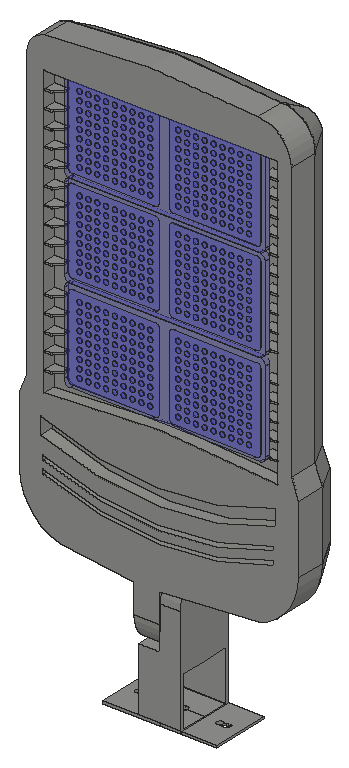
Revit family "VP-3-T", category Lighting Fixtures, host Face, Revit 2019
Family settings
  Host = Face
  Round Connector Dimension = Use Diameter
  Part Type = Normal
  OmniClass Number = 23.80.70.11.14.17
  OmniClass Title = Direct/Indirect
  Cut with Voids When Loaded = No
  Light Source = No
  Shared = Yes
  Room Calculation Point = No
Parameters (values of type "VP-3-T")
  Wattage Comments = "423W"
  Warranty = "Five year warranty"  # constant formula
  Voltage = 120 V
  URL = "https://www.currentlighting.com/beacon"
  Type Comments = "Lighting Fixture"  # constant formula
  Product Page URL = "https://www.currentlighting.com/outdoor-lighting/viper-area-size-3/9606405"
  Product Documentation Link = "https://cdn.currentlighting.com/site/specsheet/BEA_VIPERSPEC.pdf"
  Power Factor = 0.9
  Name = "Viper Area Size 3"  # constant formula
  Model = "VP-3-T"
  Matt Grey = MATT GREY
  Matt Black = Matt Black
  Manufacturer = "Current Lighting"  # constant formula
  Load Classification = Lighting
  Light Output = 30846.00 cd/m²
  Lamp = "LED"  # constant formula
  Grey = Grey
  Glass = Glass
  Features = "Featuring two different optical technologies, Micro Strike and Strike Optics, which provide the best distribution patterns for retrofit or new construction\r\nVibration rated for high vibration applications including bridges and overpasses\r\nControl options including photo control, occupancy sensing, NX Lighting Controls, wiSCAPE and 7-Pin with networked controls\r\nMounting options include: Arm, Universal Arm, Adjustable Arm, Mast Arm, Decorative Arm, Knuckle, Trunnion, Wall\r\nDistribution options include: Auto Front Row, Type 2, Type 3, Type 4 Forward, Type 4 Wide, Type 5 Narrow, Type 5 Medium, Type 5 Wide, Type 5 Rectangular, Corner Optic, and Tennis Court\r\n\r\n"  # constant formula
  Copyright = "© 2022 Current Lighting"  # constant formula
  Cool Grey = Cool Grey
  Contact Us = "https://www.currentlighting.com/contact-us"
  Certification = "UL"  # constant formula
  Description = "The Viper is an extremely versatile area/site luminaire which blends design, performance, and technology for a variety of applications."  # constant formula
  Default Elevation = 48.00"
  Finish = Arctic White
  Matt White = Matt White
  CRI = "70"  # constant formula
  Brand = "Beacon"  # constant formula
  Assembly Code = "D5020200"
  Apparent Load = 423 VA
Reference planes (in)
  plane 1 "Center (Front/Back)": y = 6.16697
  plane 2: z = 0
  plane 3 "Center (Left/Right)": x = 0
  plane 4: z = 3.75
  plane 5: z = -4.44
  plane 6: x = -1.75
  plane 7: x = 1.75
  plane 8: y = 4.41697
  plane 9: y = 7.91697
  plane 10: z = 120
Lines and regions (in)
  reference lines
    curve 1: line (0, 14.42606, -3.25) -> (0, 17.42606, -0.25)
    curve 2: line (0, -2.09213, -3.25) -> (0, 14.42606, -3.25)
    curve 3: line (0, -5.09213, -0.25) -> (0, -2.09213, -3.25)
    curve 4: line (0, 14.42606, -3.25) -> (0, 17.42606, -0.25)
    curve 5: line (0, -5.09213, -0.25) -> (0, 17.42606, -0.25)
    curve 6: line (0, 17.17606, -0.77432) -> (0, 17.92606, -0.77432)
    curve 7: line (0, 17.17606, -1.52432) -> (0, 17.17606, -0.77432)
    curve 8: line (0, 16.69614, -1.52432) -> (0, 17.17606, -1.52432)
    curve 9: line (0, 14.92606, -4.25) -> (0, 16.69614, -1.52432)
    curve 10: line (0, -4.3622, -1.52432) -> (0, -2.59213, -4.25)
    curve 11: line (0, -4.84213, -1.52432) -> (0, -4.3622, -1.52432)
    curve 12: line (0, -4.84213, -0.77432) -> (0, -4.84213, -1.52432)
    curve 13: line (0, -5.59213, -0.77432) -> (0, -4.84213, -0.77432)
Dimensions and locks (in)
  plane 4 to plane 2 = 3.75"
  plane 8 to plane 9 = 3.50"
  equal spacing: plane 8, plane 1 "Center (Front/Back)", plane 9
  equal spacing: plane 6, plane 3 "Center (Left/Right)", plane 7
  plane 6 to plane 7 = 3.50"
  plane 10 to plane 2 = 120.00"
  aligned and locked: plane 2 to host face
  aligned and locked: level to host face
  aligned and locked: plane 3 "Center (Left/Right)" to nested 1
  aligned and locked: plane 1 "Center (Front/Back)" to nested 1
Automatic sketch dimensions
  host sketch curve to host sketch curve = 96.00"
  host sketch curve to host sketch curve = 85.00"
  curve 3 to level = 0.25"
  plane 8 to curve 3 = 9.50909"
  curve 3 to curve 12 = 0.25"
  curve 11 to curve 11 = 0.47992"
  curve 2 to plane 5 = 1.19"
  curve 10 to curve 2 = 2.27008"
  curve 1 to plane 9 = 6.50909"
  curve 9 to level = 1.52432"
  curve 1 to curve 9 = 2.27008"
  curve 8 to curve 8 = 0.47992"
  curve 6 to curve 4 = 0.25"
  curve 10 to curve 3 = 1.27432"
  curve 7 to curve 1 = 0.52432"
  curve 12 to curve 3 = 0.52432"
  curve 13 to curve 3 = 0.50"
  curve 10 to plane 5 = 0.19"
  curve 10 to curve 2 = 0.50"
  curve 9 to plane 5 = 0.19"
  curve 1 to curve 9 = 0.50"
  curve 1 to curve 6 = 0.50"
Nested families (in)
  nested 1: "SIZE3-T" at (0, 6.16697, 0), type "SIZE3-T"
Connectors (in)
  electrical at (0, 6.16697, 0)
    settings: on nested 1, index 1, voltage 0 V, apparent load 0 VA, apparent load phase1 0 VA, apparent load phase2 0 VA, apparent load phase3 0 VA, power factor 1, load classification "Other", number of poles 1, system type 30, power factor state 1, is connector primary yes, connector utility no, sub classification motor no, connector description ""
Definition of nested family "SIZE3-T"
  Parameters (values of type "SIZE3-T")
    Width = 16.11"
    Wattage = 423.2 W
    built-in parameter 1150110 = 1 (stored number, unit not read)
    built-in parameter 1114217 = 1 (stored number, unit not read)
    Tilt Angle = 160.00°
    built-in parameter 1150109 = 1 (stored number, unit not read)
    built-in parameter 1150134 = 3
    built-in parameter 1150113 = 1 (stored number, unit not read)
    Photometric Web File = "VP-3-480L-425-3K7-4W-BC.ies"
    Mount Length = 7.50"
    built-in parameter 1150105 = 2458.4 (stored number, unit not read)
    Lumens = 30893.6 lm
    built-in parameter 1150115 = 1 (stored number, unit not read)
    built-in parameter 1150137 = (empty or 0)
    built-in parameter 1150139 = (empty or 0)
    Length = 26.97"
    built-in parameter 1150112 = 1 (stored number, unit not read)
    built-in parameter 1150114 = 1 (stored number, unit not read)
    built-in parameter 1150132 = (empty or 0)
    built-in parameter 1150102 = (empty or 0)
    built-in parameter 1150107 = 3200 (stored number, unit not read)
    built-in parameter 1150138 = (empty or 0)
    built-in parameter 1150106 = 24.584 (stored number, unit not read)
    Glass = none
    Fixture = none
    built-in parameter 1150104 = 6.7819 (stored number, unit not read)
    Dimming Lamp Color Temperature Shift = (empty or 0)
    Default Elevation = 48.00"
    Color Filter = 16777215
    built-in parameter 1114218 = 1 (stored number, unit not read)
    built-in parameter 1150133 = 10 (stored number, unit not read)
  Reference planes (in)
    plane 1 "Center (Front/Back)": y = 0
    plane 2: z = 0
    plane 3 "Center (Left/Right)": x = 0
    plane 4: x = 8.055
    plane 5: x = -8.055
    plane 6: z = 7.5
    plane 7: z = 34.47
    plane 8: y = -1.74
    plane 9: y = 1.74
  Forms (in)
    Extrusion 1, solid
      sketch origin (0, 0, 0) x (1, 0, 0) y (0, 1, 0)
        loop
          line (-48, 48) -> (-48, -48) -> (48, -48) -> (48, 48) -> (-48, 48)
      from 0 to -12
    Extrusion 2, solid, material <- "Fixture"
      sketch origin (0, 0, 0) x (1, 0, 0) y (0, 0, 1)
        loop
          line (-7.77472, 15.72202) -> (-8.18, 14.67799) -> (-8.18, 10.64521)
          arc (-8.18, 10.64521) -> (-7.52407, 8.68733) -> (-5.82104, 7.51974) r 3.25
          arc (-5.82104, 7.51974) -> (0, 7.02866) -> (5.82104, 7.51974) r 34.74571
          arc (5.82104, 7.51974) -> (7.52407, 8.68733) -> (8.18, 10.64521) r 3.25
          line (8.18, 10.64521) -> (8.18, 14.67799) -> (7.7425, 15.80502) -> (7.7425, 32.05879)
          arc (7.7425, 32.05879) -> (7.16964, 33.45997) -> (5.77922, 34.05846) r 2
          arc (5.77922, 34.05846) -> (-0.48981, 34.44343) -> (-6.75192, 33.95884) r 45.36519
          arc (-6.75192, 33.95884) -> (-7.48558, 33.52919) -> (-7.77472, 32.72966) r 1.25
          line (-7.77472, 32.72966) -> (-7.77472, 15.72202)
      from 0 to 1.74
    Extrusion 3, void
      sketch origin (0, 0, 0) x (1, 0, 0) y (0, 0, 1)
        loop
          arc (-6.77608, 15.13973) -> (0.07705, 15.56709) -> (6.93, 15.13674) r 54.96889
          line (6.93, 15.13674) -> (6.93, 32.15182) -> (-6.77608, 32.15182) -> (-6.77608, 15.13973)
      from 1 to 1.75
    Extrusion 4, solid, material <- "Glass"
      sketch origin (0, 0, 0) x (1, 0, 0) y (0, 0, 1)
        loop
          arc (-5.55487, 32.15182) -> (-5.80236, 32.04931) -> (-5.90487, 31.80182) r 0.35
          line (-5.90487, 31.80182) -> (-5.90487, 27.00182)
          arc (-5.90487, 27.00182) -> (-5.80236, 26.75434) -> (-5.55487, 26.65182) r 0.35
          line (-5.55487, 26.65182) -> (5.55487, 26.65182)
          arc (5.55487, 26.65182) -> (5.80236, 26.75434) -> (5.90487, 27.00182) r 0.35
          line (5.90487, 27.00182) -> (5.90487, 31.80182)
          arc (5.90487, 31.80182) -> (5.80236, 32.04931) -> (5.55487, 32.15182) r 0.35
          line (5.55487, 32.15182) -> (-5.55487, 32.15182)
      from 1 to 1.35
    Extrusion 5, solid, material <- "Glass"
      sketch origin (0.75, 0, 0.125) x (1, 0, 0) y (0, 0, 1)
        loop
          circle (-5.72329, 31.32694) r 0.15
        loop
          circle (-5.20455, 31.32694) r 0.15
        loop
          circle (-4.6858, 31.32694) r 0.15
        loop
          circle (-4.16705, 31.32694) r 0.15
        loop
          circle (-3.6483, 31.32694) r 0.15
        loop
          circle (-3.12955, 31.32694) r 0.15
        loop
          circle (-2.6108, 31.32694) r 0.15
        loop
          circle (-2.09205, 31.32694) r 0.15
        loop
          circle (-1.57331, 31.32694) r 0.15
        loop
          circle (-5.72329, 30.82694) r 0.15
        loop
          circle (-5.20455, 30.82694) r 0.15
        loop
          circle (-4.6858, 30.82694) r 0.15
        loop
          circle (-4.16705, 30.82694) r 0.15
        loop
          circle (-3.6483, 30.82694) r 0.15
        loop
          circle (-3.12955, 30.82694) r 0.15
        loop
          circle (-2.6108, 30.82694) r 0.15
        loop
          circle (-2.09205, 30.82694) r 0.15
        loop
          circle (-1.57331, 30.82694) r 0.15
        loop
          circle (-5.72329, 30.32694) r 0.15
        loop
          circle (-5.20455, 30.32694) r 0.15
        loop
          circle (-4.6858, 30.32694) r 0.15
        loop
          circle (-4.16705, 30.32694) r 0.15
        loop
          circle (-3.6483, 30.32694) r 0.15
        loop
          circle (-3.12955, 30.32694) r 0.15
        loop
          circle (-2.6108, 30.32694) r 0.15
        loop
          circle (-2.09205, 30.32694) r 0.15
        loop
          circle (-1.57331, 30.32694) r 0.15
        loop
          circle (-5.72329, 29.82694) r 0.15
        loop
          circle (-5.20455, 29.82694) r 0.15
        loop
          circle (-4.6858, 29.82694) r 0.15
        loop
          circle (-4.16705, 29.82694) r 0.15
        loop
          circle (-3.6483, 29.82694) r 0.15
        loop
          circle (-3.12955, 29.82694) r 0.15
        loop
          circle (-2.6108, 29.82694) r 0.15
        loop
          circle (-2.09205, 29.82694) r 0.15
        loop
          circle (-1.57331, 29.82694) r 0.15
        loop
          circle (-5.72329, 29.32694) r 0.15
        loop
          circle (-5.20455, 29.32694) r 0.15
        loop
          circle (-4.6858, 29.32694) r 0.15
        loop
          circle (-4.16705, 29.32694) r 0.15
        loop
          circle (-3.6483, 29.32694) r 0.15
        loop
          circle (-3.12955, 29.32694) r 0.15
        loop
          circle (-2.6108, 29.32694) r 0.15
        loop
          circle (-2.09205, 29.32694) r 0.15
        loop
          circle (-1.57331, 29.32694) r 0.15
        loop
          circle (-5.72329, 28.82694) r 0.15
        loop
          circle (-5.20455, 28.82694) r 0.15
        loop
          circle (-4.6858, 28.82694) r 0.15
        loop
          circle (-4.16705, 28.82694) r 0.15
        loop
          circle (-3.6483, 28.82694) r 0.15
        loop
          circle (-3.12955, 28.82694) r 0.15
        loop
          circle (-2.6108, 28.82694) r 0.15
        loop
          circle (-2.09205, 28.82694) r 0.15
        loop
          circle (-1.57331, 28.82694) r 0.15
        loop
          circle (-5.72329, 28.32694) r 0.15
        loop
          circle (-5.20455, 28.32694) r 0.15
        loop
          circle (-4.6858, 28.32694) r 0.15
        loop
          circle (-4.16705, 28.32694) r 0.15
        loop
          circle (-3.6483, 28.32694) r 0.15
        loop
          circle (-3.12955, 28.32694) r 0.15
        loop
          circle (-2.6108, 28.32694) r 0.15
        loop
          circle (-2.09205, 28.32694) r 0.15
        loop
          circle (-1.57331, 28.32694) r 0.15
        loop
          circle (-5.72329, 27.82694) r 0.15
        loop
          circle (-5.20455, 27.82694) r 0.15
        loop
          circle (-4.6858, 27.82694) r 0.15
        loop
          circle (-4.16705, 27.82694) r 0.15
        loop
          circle (-3.6483, 27.82694) r 0.15
        loop
          circle (-3.12955, 27.82694) r 0.15
        loop
          circle (-2.6108, 27.82694) r 0.15
        loop
          circle (-2.09205, 27.82694) r 0.15
        loop
          circle (-1.57331, 27.82694) r 0.15
        loop
          circle (-5.72329, 27.32694) r 0.15
        loop
          circle (-5.20455, 27.32694) r 0.15
        loop
          circle (-4.6858, 27.32694) r 0.15
        loop
          circle (-4.16705, 27.32694) r 0.15
        loop
          circle (-3.6483, 27.32694) r 0.15
        loop
          circle (-3.12955, 27.32694) r 0.15
        loop
          circle (-2.6108, 27.32694) r 0.15
        loop
          circle (-2.09205, 27.32694) r 0.15
        loop
          circle (-1.57331, 27.32694) r 0.15
      from 1.35 to 1.4
    Extrusion 6, solid, material <- "Glass"
      sketch origin (0, 0, 0.125) x (1, 0, 0) y (0, 0, 1)
        loop
          arc (-5.41155, 31.8309) -> (-5.58833, 31.75768) -> (-5.66155, 31.5809) r 0.25
          line (-5.66155, 31.5809) -> (-5.66155, 27.0809)
          arc (-5.66155, 27.0809) -> (-5.58833, 26.90412) -> (-5.41155, 26.8309) r 0.25
          line (-5.41155, 26.8309) -> (-0.54655, 26.8309)
          arc (-0.54655, 26.8309) -> (-0.36977, 26.90412) -> (-0.29655, 27.0809) r 0.25
          line (-0.29655, 27.0809) -> (-0.29655, 31.5809)
          arc (-0.29655, 31.5809) -> (-0.36977, 31.75768) -> (-0.54655, 31.8309) r 0.25
          line (-0.54655, 31.8309) -> (-5.41155, 31.8309)
      from 1.35 to 1.37213
    Extrusion 7, solid, material <- "Fixture"
      sketch origin (0.125, 0, 12.5) x (1, 0, 0) y (0, 1, 0)
        loop
          line (5.93193, -1) -> (5.93193, -1.20146)
          arc (5.93193, -1.20146) -> (5.93867, -1.23973) -> (5.95811, -1.27339) r 0.1119
          line (5.95811, -1.27339) -> (6.31867, -1.70309)
          arc (6.31867, -1.70309) -> (6.34664, -1.72455) -> (6.38107, -1.73219) r 0.08147
          line (6.38107, -1.73219) -> (6.805, -1.73219) -> (6.805, -1) -> (5.93193, -1)
      from 18.55 to 18.65
    Extrusion 8, solid, material <- "Glass"
      sketch origin (-0.75, 0, 0.125) x (-1, 0, 0) y (0, 0, -1)
        loop
          circle (-5.72329, -31.32694) r 0.15
        loop
          circle (-5.20455, -31.32694) r 0.15
        loop
          circle (-4.6858, -31.32694) r 0.15
        loop
          circle (-4.16705, -31.32694) r 0.15
        loop
          circle (-3.6483, -31.32694) r 0.15
        loop
          circle (-3.12955, -31.32694) r 0.15
        loop
          circle (-2.6108, -31.32694) r 0.15
        loop
          circle (-2.09205, -31.32694) r 0.15
        loop
          circle (-1.57331, -31.32694) r 0.15
        loop
          circle (-5.72329, -30.82694) r 0.15
        loop
          circle (-5.20455, -30.82694) r 0.15
        loop
          circle (-4.6858, -30.82694) r 0.15
        loop
          circle (-4.16705, -30.82694) r 0.15
        loop
          circle (-3.6483, -30.82694) r 0.15
        loop
          circle (-3.12955, -30.82694) r 0.15
        loop
          circle (-2.6108, -30.82694) r 0.15
        loop
          circle (-2.09205, -30.82694) r 0.15
        loop
          circle (-1.57331, -30.82694) r 0.15
        loop
          circle (-5.72329, -30.32694) r 0.15
        loop
          circle (-5.20455, -30.32694) r 0.15
        loop
          circle (-4.6858, -30.32694) r 0.15
        loop
          circle (-4.16705, -30.32694) r 0.15
        loop
          circle (-3.6483, -30.32694) r 0.15
        loop
          circle (-3.12955, -30.32694) r 0.15
        loop
          circle (-2.6108, -30.32694) r 0.15
        loop
          circle (-2.09205, -30.32694) r 0.15
        loop
          circle (-1.57331, -30.32694) r 0.15
        loop
          circle (-5.72329, -29.82694) r 0.15
        loop
          circle (-5.20455, -29.82694) r 0.15
        loop
          circle (-4.6858, -29.82694) r 0.15
        loop
          circle (-4.16705, -29.82694) r 0.15
        loop
          circle (-3.6483, -29.82694) r 0.15
        loop
          circle (-3.12955, -29.82694) r 0.15
        loop
          circle (-2.6108, -29.82694) r 0.15
        loop
          circle (-2.09205, -29.82694) r 0.15
        loop
          circle (-1.57331, -29.82694) r 0.15
        loop
          circle (-5.72329, -29.32694) r 0.15
        loop
          circle (-5.20455, -29.32694) r 0.15
        loop
          circle (-4.6858, -29.32694) r 0.15
        loop
          circle (-4.16705, -29.32694) r 0.15
        loop
          circle (-3.6483, -29.32694) r 0.15
        loop
          circle (-3.12955, -29.32694) r 0.15
        loop
          circle (-2.6108, -29.32694) r 0.15
        loop
          circle (-2.09205, -29.32694) r 0.15
        loop
          circle (-1.57331, -29.32694) r 0.15
        loop
          circle (-5.72329, -28.82694) r 0.15
        loop
          circle (-5.20455, -28.82694) r 0.15
        loop
          circle (-4.6858, -28.82694) r 0.15
        loop
          circle (-4.16705, -28.82694) r 0.15
        loop
          circle (-3.6483, -28.82694) r 0.15
        loop
          circle (-3.12955, -28.82694) r 0.15
        loop
          circle (-2.6108, -28.82694) r 0.15
        loop
          circle (-2.09205, -28.82694) r 0.15
        loop
          circle (-1.57331, -28.82694) r 0.15
        loop
          circle (-5.72329, -28.32694) r 0.15
        loop
          circle (-5.20455, -28.32694) r 0.15
        loop
          circle (-4.6858, -28.32694) r 0.15
        loop
          circle (-4.16705, -28.32694) r 0.15
        loop
          circle (-3.6483, -28.32694) r 0.15
        loop
          circle (-3.12955, -28.32694) r 0.15
        loop
          circle (-2.6108, -28.32694) r 0.15
        loop
          circle (-2.09205, -28.32694) r 0.15
        loop
          circle (-1.57331, -28.32694) r 0.15
        loop
          circle (-5.72329, -27.82694) r 0.15
        loop
          circle (-5.20455, -27.82694) r 0.15
        loop
          circle (-4.6858, -27.82694) r 0.15
        loop
          circle (-4.16705, -27.82694) r 0.15
        loop
          circle (-3.6483, -27.82694) r 0.15
        loop
          circle (-3.12955, -27.82694) r 0.15
        loop
          circle (-2.6108, -27.82694) r 0.15
        loop
          circle (-2.09205, -27.82694) r 0.15
        loop
          circle (-1.57331, -27.82694) r 0.15
        loop
          circle (-5.72329, -27.32694) r 0.15
        loop
          circle (-5.20455, -27.32694) r 0.15
        loop
          circle (-4.6858, -27.32694) r 0.15
        loop
          circle (-4.16705, -27.32694) r 0.15
        loop
          circle (-3.6483, -27.32694) r 0.15
        loop
          circle (-3.12955, -27.32694) r 0.15
        loop
          circle (-2.6108, -27.32694) r 0.15
        loop
          circle (-2.09205, -27.32694) r 0.15
        loop
          circle (-1.57331, -27.32694) r 0.15
      from 1.35 to 1.4
    Extrusion 9, solid, material <- "Glass"
      sketch origin (0, 0, 0.125) x (-1, 0, 0) y (0, 0, -1)
        loop
          line (-5.41155, -31.8309) -> (-0.54655, -31.8309)
          arc (-0.54655, -31.8309) -> (-0.36977, -31.75768) -> (-0.29655, -31.5809) r 0.25
          line (-0.29655, -31.5809) -> (-0.29655, -27.0809)
          arc (-0.29655, -27.0809) -> (-0.36977, -26.90412) -> (-0.54655, -26.8309) r 0.25
          line (-0.54655, -26.8309) -> (-5.41155, -26.8309)
          arc (-5.41155, -26.8309) -> (-5.58833, -26.90412) -> (-5.66155, -27.0809) r 0.25
          line (-5.66155, -27.0809) -> (-5.66155, -31.5809)
          arc (-5.66155, -31.5809) -> (-5.58833, -31.75768) -> (-5.41155, -31.8309) r 0.25
      from 1.35 to 1.37213
    Extrusion 10, solid, material <- "Glass"
      sketch origin (0, 0, -5.25) x (1, 0, 0) y (0, 0, 1)
        loop
          arc (-5.55487, 31.90182) -> (-5.80236, 31.79931) -> (-5.90487, 31.55182) r 0.35
          line (-5.90487, 31.55182) -> (-5.90487, 26.75182)
          arc (-5.90487, 26.75182) -> (-5.80236, 26.50434) -> (-5.55487, 26.40182) r 0.35
          line (-5.55487, 26.40182) -> (5.55487, 26.40182)
          arc (5.55487, 26.40182) -> (5.80236, 26.50434) -> (5.90487, 26.75182) r 0.35
          line (5.90487, 26.75182) -> (5.90487, 31.55182)
          arc (5.90487, 31.55182) -> (5.80236, 31.79931) -> (5.55487, 31.90182) r 0.35
          line (5.55487, 31.90182) -> (-5.55487, 31.90182)
      from 1 to 1.35
    Extrusion 11, solid, material <- "Glass"
      sketch origin (0.75, 0, -5.375) x (1, 0, 0) y (0, 0, 1)
        loop
          circle (-5.72329, 31.32694) r 0.15
        loop
          circle (-5.20455, 31.32694) r 0.15
        loop
          circle (-4.6858, 31.32694) r 0.15
        loop
          circle (-4.16705, 31.32694) r 0.15
        loop
          circle (-3.6483, 31.32694) r 0.15
        loop
          circle (-3.12955, 31.32694) r 0.15
        loop
          circle (-2.6108, 31.32694) r 0.15
        loop
          circle (-2.09205, 31.32694) r 0.15
        loop
          circle (-1.57331, 31.32694) r 0.15
        loop
          circle (-5.72329, 30.82694) r 0.15
        loop
          circle (-5.20455, 30.82694) r 0.15
        loop
          circle (-4.6858, 30.82694) r 0.15
        loop
          circle (-4.16705, 30.82694) r 0.15
        loop
          circle (-3.6483, 30.82694) r 0.15
        loop
          circle (-3.12955, 30.82694) r 0.15
        loop
          circle (-2.6108, 30.82694) r 0.15
        loop
          circle (-2.09205, 30.82694) r 0.15
        loop
          circle (-1.57331, 30.82694) r 0.15
        loop
          circle (-5.72329, 30.32694) r 0.15
        loop
          circle (-5.20455, 30.32694) r 0.15
        loop
          circle (-4.6858, 30.32694) r 0.15
        loop
          circle (-4.16705, 30.32694) r 0.15
        loop
          circle (-3.6483, 30.32694) r 0.15
        loop
          circle (-3.12955, 30.32694) r 0.15
        loop
          circle (-2.6108, 30.32694) r 0.15
        loop
          circle (-2.09205, 30.32694) r 0.15
        loop
          circle (-1.57331, 30.32694) r 0.15
        loop
          circle (-5.72329, 29.82694) r 0.15
        loop
          circle (-5.20455, 29.82694) r 0.15
        loop
          circle (-4.6858, 29.82694) r 0.15
        loop
          circle (-4.16705, 29.82694) r 0.15
        loop
          circle (-3.6483, 29.82694) r 0.15
        loop
          circle (-3.12955, 29.82694) r 0.15
        loop
          circle (-2.6108, 29.82694) r 0.15
        loop
          circle (-2.09205, 29.82694) r 0.15
        loop
          circle (-1.57331, 29.82694) r 0.15
        loop
          circle (-5.72329, 29.32694) r 0.15
        loop
          circle (-5.20455, 29.32694) r 0.15
        loop
          circle (-4.6858, 29.32694) r 0.15
        loop
          circle (-4.16705, 29.32694) r 0.15
        loop
          circle (-3.6483, 29.32694) r 0.15
        loop
          circle (-3.12955, 29.32694) r 0.15
        loop
          circle (-2.6108, 29.32694) r 0.15
        loop
          circle (-2.09205, 29.32694) r 0.15
        loop
          circle (-1.57331, 29.32694) r 0.15
        loop
          circle (-5.72329, 28.82694) r 0.15
        loop
          circle (-5.20455, 28.82694) r 0.15
        loop
          circle (-4.6858, 28.82694) r 0.15
        loop
          circle (-4.16705, 28.82694) r 0.15
        loop
          circle (-3.6483, 28.82694) r 0.15
        loop
          circle (-3.12955, 28.82694) r 0.15
        loop
          circle (-2.6108, 28.82694) r 0.15
        loop
          circle (-2.09205, 28.82694) r 0.15
        loop
          circle (-1.57331, 28.82694) r 0.15
        loop
          circle (-5.72329, 28.32694) r 0.15
        loop
          circle (-5.20455, 28.32694) r 0.15
        loop
          circle (-4.6858, 28.32694) r 0.15
        loop
          circle (-4.16705, 28.32694) r 0.15
        loop
          circle (-3.6483, 28.32694) r 0.15
        loop
          circle (-3.12955, 28.32694) r 0.15
        loop
          circle (-2.6108, 28.32694) r 0.15
        loop
          circle (-2.09205, 28.32694) r 0.15
        loop
          circle (-1.57331, 28.32694) r 0.15
        loop
          circle (-5.72329, 27.82694) r 0.15
        loop
          circle (-5.20455, 27.82694) r 0.15
        loop
          circle (-4.6858, 27.82694) r 0.15
        loop
          circle (-4.16705, 27.82694) r 0.15
        loop
          circle (-3.6483, 27.82694) r 0.15
        loop
          circle (-3.12955, 27.82694) r 0.15
        loop
          circle (-2.6108, 27.82694) r 0.15
        loop
          circle (-2.09205, 27.82694) r 0.15
        loop
          circle (-1.57331, 27.82694) r 0.15
        loop
          circle (-5.72329, 27.32694) r 0.15
        loop
          circle (-5.20455, 27.32694) r 0.15
        loop
          circle (-4.6858, 27.32694) r 0.15
        loop
          circle (-4.16705, 27.32694) r 0.15
        loop
          circle (-3.6483, 27.32694) r 0.15
        loop
          circle (-3.12955, 27.32694) r 0.15
        loop
          circle (-2.6108, 27.32694) r 0.15
        loop
          circle (-2.09205, 27.32694) r 0.15
        loop
          circle (-1.57331, 27.32694) r 0.15
      from 1.35 to 1.4
    Extrusion 12, solid, material <- "Glass"
      sketch origin (0, 0, -5.375) x (1, 0, 0) y (0, 0, 1)
        loop
          arc (-5.41155, 31.8309) -> (-5.58833, 31.75768) -> (-5.66155, 31.5809) r 0.25
          line (-5.66155, 31.5809) -> (-5.66155, 27.0809)
          arc (-5.66155, 27.0809) -> (-5.58833, 26.90412) -> (-5.41155, 26.8309) r 0.25
          line (-5.41155, 26.8309) -> (-0.54655, 26.8309)
          arc (-0.54655, 26.8309) -> (-0.36977, 26.90412) -> (-0.29655, 27.0809) r 0.25
          line (-0.29655, 27.0809) -> (-0.29655, 31.5809)
          arc (-0.29655, 31.5809) -> (-0.36977, 31.75768) -> (-0.54655, 31.8309) r 0.25
          line (-0.54655, 31.8309) -> (-5.41155, 31.8309)
      from 1.35 to 1.37213
    Extrusion 13, solid, material <- "Glass"
      sketch origin (-0.75, 0, -5.375) x (-1, 0, 0) y (0, 0, -1)
        loop
          circle (-5.72329, -31.32694) r 0.15
        loop
          circle (-5.20455, -31.32694) r 0.15
        loop
          circle (-4.6858, -31.32694) r 0.15
        loop
          circle (-4.16705, -31.32694) r 0.15
        loop
          circle (-3.6483, -31.32694) r 0.15
        loop
          circle (-3.12955, -31.32694) r 0.15
        loop
          circle (-2.6108, -31.32694) r 0.15
        loop
          circle (-2.09205, -31.32694) r 0.15
        loop
          circle (-1.57331, -31.32694) r 0.15
        loop
          circle (-5.72329, -30.82694) r 0.15
        loop
          circle (-5.20455, -30.82694) r 0.15
        loop
          circle (-4.6858, -30.82694) r 0.15
        loop
          circle (-4.16705, -30.82694) r 0.15
        loop
          circle (-3.6483, -30.82694) r 0.15
        loop
          circle (-3.12955, -30.82694) r 0.15
        loop
          circle (-2.6108, -30.82694) r 0.15
        loop
          circle (-2.09205, -30.82694) r 0.15
        loop
          circle (-1.57331, -30.82694) r 0.15
        loop
          circle (-5.72329, -30.32694) r 0.15
        loop
          circle (-5.20455, -30.32694) r 0.15
        loop
          circle (-4.6858, -30.32694) r 0.15
        loop
          circle (-4.16705, -30.32694) r 0.15
        loop
          circle (-3.6483, -30.32694) r 0.15
        loop
          circle (-3.12955, -30.32694) r 0.15
        loop
          circle (-2.6108, -30.32694) r 0.15
        loop
          circle (-2.09205, -30.32694) r 0.15
        loop
          circle (-1.57331, -30.32694) r 0.15
        loop
          circle (-5.72329, -29.82694) r 0.15
        loop
          circle (-5.20455, -29.82694) r 0.15
        loop
          circle (-4.6858, -29.82694) r 0.15
        loop
          circle (-4.16705, -29.82694) r 0.15
        loop
          circle (-3.6483, -29.82694) r 0.15
        loop
          circle (-3.12955, -29.82694) r 0.15
        loop
          circle (-2.6108, -29.82694) r 0.15
        loop
          circle (-2.09205, -29.82694) r 0.15
        loop
          circle (-1.57331, -29.82694) r 0.15
        loop
          circle (-5.72329, -29.32694) r 0.15
        loop
          circle (-5.20455, -29.32694) r 0.15
        loop
          circle (-4.6858, -29.32694) r 0.15
        loop
          circle (-4.16705, -29.32694) r 0.15
        loop
          circle (-3.6483, -29.32694) r 0.15
        loop
          circle (-3.12955, -29.32694) r 0.15
        loop
          circle (-2.6108, -29.32694) r 0.15
        loop
          circle (-2.09205, -29.32694) r 0.15
        loop
          circle (-1.57331, -29.32694) r 0.15
        loop
          circle (-5.72329, -28.82694) r 0.15
        loop
          circle (-5.20455, -28.82694) r 0.15
        loop
          circle (-4.6858, -28.82694) r 0.15
        loop
          circle (-4.16705, -28.82694) r 0.15
        loop
          circle (-3.6483, -28.82694) r 0.15
        loop
          circle (-3.12955, -28.82694) r 0.15
        loop
          circle (-2.6108, -28.82694) r 0.15
        loop
          circle (-2.09205, -28.82694) r 0.15
        loop
          circle (-1.57331, -28.82694) r 0.15
        loop
          circle (-5.72329, -28.32694) r 0.15
        loop
          circle (-5.20455, -28.32694) r 0.15
        loop
          circle (-4.6858, -28.32694) r 0.15
        loop
          circle (-4.16705, -28.32694) r 0.15
        loop
          circle (-3.6483, -28.32694) r 0.15
        loop
          circle (-3.12955, -28.32694) r 0.15
        loop
          circle (-2.6108, -28.32694) r 0.15
        loop
          circle (-2.09205, -28.32694) r 0.15
        loop
          circle (-1.57331, -28.32694) r 0.15
        loop
          circle (-5.72329, -27.82694) r 0.15
        loop
          circle (-5.20455, -27.82694) r 0.15
        loop
          circle (-4.6858, -27.82694) r 0.15
        loop
          circle (-4.16705, -27.82694) r 0.15
        loop
          circle (-3.6483, -27.82694) r 0.15
        loop
          circle (-3.12955, -27.82694) r 0.15
        loop
          circle (-2.6108, -27.82694) r 0.15
        loop
          circle (-2.09205, -27.82694) r 0.15
        loop
          circle (-1.57331, -27.82694) r 0.15
        loop
          circle (-5.72329, -27.32694) r 0.15
        loop
          circle (-5.20455, -27.32694) r 0.15
        loop
          circle (-4.6858, -27.32694) r 0.15
        loop
          circle (-4.16705, -27.32694) r 0.15
        loop
          circle (-3.6483, -27.32694) r 0.15
        loop
          circle (-3.12955, -27.32694) r 0.15
        loop
          circle (-2.6108, -27.32694) r 0.15
        loop
          circle (-2.09205, -27.32694) r 0.15
        loop
          circle (-1.57331, -27.32694) r 0.15
      from 1.35 to 1.4
    Extrusion 14, solid, material <- "Glass"
      sketch origin (0, 0, -5.375) x (-1, 0, 0) y (0, 0, -1)
        loop
          line (-5.41155, -31.8309) -> (-0.54655, -31.8309)
          arc (-0.54655, -31.8309) -> (-0.36977, -31.75768) -> (-0.29655, -31.5809) r 0.25
          line (-0.29655, -31.5809) -> (-0.29655, -27.0809)
          arc (-0.29655, -27.0809) -> (-0.36977, -26.90412) -> (-0.54655, -26.8309) r 0.25
          line (-0.54655, -26.8309) -> (-5.41155, -26.8309)
          arc (-5.41155, -26.8309) -> (-5.58833, -26.90412) -> (-5.66155, -27.0809) r 0.25
          line (-5.66155, -27.0809) -> (-5.66155, -31.5809)
          arc (-5.66155, -31.5809) -> (-5.58833, -31.75768) -> (-5.41155, -31.8309) r 0.25
      from 1.35 to 1.37213
    Extrusion 15, solid, material <- "Glass"
      sketch origin (0, 0, 47.80365) x (1, 0, 0) y (0, 0, 1)
        loop
          line (-5.55487, -32.15182) -> (5.55487, -32.15182)
          arc (5.55487, -32.15182) -> (5.80236, -32.04931) -> (5.90487, -31.80182) r 0.35
          line (5.90487, -31.80182) -> (5.90487, -27.00182)
          arc (5.90487, -27.00182) -> (5.80236, -26.75434) -> (5.55487, -26.65182) r 0.35
          line (5.55487, -26.65182) -> (-5.55487, -26.65182)
          arc (-5.55487, -26.65182) -> (-5.80236, -26.75434) -> (-5.90487, -27.00182) r 0.35
          line (-5.90487, -27.00182) -> (-5.90487, -31.80182)
          arc (-5.90487, -31.80182) -> (-5.80236, -32.04931) -> (-5.55487, -32.15182) r 0.35
      from 1 to 1.35
    Extrusion 16, solid, material <- "Glass"
      sketch origin (0.75, 0, 47.67865) x (1, 0, 0) y (0, 0, 1)
        loop
          circle (-5.72329, -31.32694) r 0.15
        loop
          circle (-5.20455, -31.32694) r 0.15
        loop
          circle (-4.6858, -31.32694) r 0.15
        loop
          circle (-4.16705, -31.32694) r 0.15
        loop
          circle (-3.6483, -31.32694) r 0.15
        loop
          circle (-3.12955, -31.32694) r 0.15
        loop
          circle (-2.6108, -31.32694) r 0.15
        loop
          circle (-2.09205, -31.32694) r 0.15
        loop
          circle (-1.57331, -31.32694) r 0.15
        loop
          circle (-5.72329, -30.82694) r 0.15
        loop
          circle (-5.20455, -30.82694) r 0.15
        loop
          circle (-4.6858, -30.82694) r 0.15
        loop
          circle (-4.16705, -30.82694) r 0.15
        loop
          circle (-3.6483, -30.82694) r 0.15
        loop
          circle (-3.12955, -30.82694) r 0.15
        loop
          circle (-2.6108, -30.82694) r 0.15
        loop
          circle (-2.09205, -30.82694) r 0.15
        loop
          circle (-1.57331, -30.82694) r 0.15
        loop
          circle (-5.72329, -30.32694) r 0.15
        loop
          circle (-5.20455, -30.32694) r 0.15
        loop
          circle (-4.6858, -30.32694) r 0.15
        loop
          circle (-4.16705, -30.32694) r 0.15
        loop
          circle (-3.6483, -30.32694) r 0.15
        loop
          circle (-3.12955, -30.32694) r 0.15
        loop
          circle (-2.6108, -30.32694) r 0.15
        loop
          circle (-2.09205, -30.32694) r 0.15
        loop
          circle (-1.57331, -30.32694) r 0.15
        loop
          circle (-5.72329, -29.82694) r 0.15
        loop
          circle (-5.20455, -29.82694) r 0.15
        loop
          circle (-4.6858, -29.82694) r 0.15
        loop
          circle (-4.16705, -29.82694) r 0.15
        loop
          circle (-3.6483, -29.82694) r 0.15
        loop
          circle (-3.12955, -29.82694) r 0.15
        loop
          circle (-2.6108, -29.82694) r 0.15
        loop
          circle (-2.09205, -29.82694) r 0.15
        loop
          circle (-1.57331, -29.82694) r 0.15
        loop
          circle (-5.72329, -29.32694) r 0.15
        loop
          circle (-5.20455, -29.32694) r 0.15
        loop
          circle (-4.6858, -29.32694) r 0.15
        loop
          circle (-4.16705, -29.32694) r 0.15
        loop
          circle (-3.6483, -29.32694) r 0.15
        loop
          circle (-3.12955, -29.32694) r 0.15
        loop
          circle (-2.6108, -29.32694) r 0.15
        loop
          circle (-2.09205, -29.32694) r 0.15
        loop
          circle (-1.57331, -29.32694) r 0.15
        loop
          circle (-5.72329, -28.82694) r 0.15
        loop
          circle (-5.20455, -28.82694) r 0.15
        loop
          circle (-4.6858, -28.82694) r 0.15
        loop
          circle (-4.16705, -28.82694) r 0.15
        loop
          circle (-3.6483, -28.82694) r 0.15
        loop
          circle (-3.12955, -28.82694) r 0.15
        loop
          circle (-2.6108, -28.82694) r 0.15
        loop
          circle (-2.09205, -28.82694) r 0.15
        loop
          circle (-1.57331, -28.82694) r 0.15
        loop
          circle (-5.72329, -28.32694) r 0.15
        loop
          circle (-5.20455, -28.32694) r 0.15
        loop
          circle (-4.6858, -28.32694) r 0.15
        loop
          circle (-4.16705, -28.32694) r 0.15
        loop
          circle (-3.6483, -28.32694) r 0.15
        loop
          circle (-3.12955, -28.32694) r 0.15
        loop
          circle (-2.6108, -28.32694) r 0.15
        loop
          circle (-2.09205, -28.32694) r 0.15
        loop
          circle (-1.57331, -28.32694) r 0.15
        loop
          circle (-5.72329, -27.82694) r 0.15
        loop
          circle (-5.20455, -27.82694) r 0.15
        loop
          circle (-4.6858, -27.82694) r 0.15
        loop
          circle (-4.16705, -27.82694) r 0.15
        loop
          circle (-3.6483, -27.82694) r 0.15
        loop
          circle (-3.12955, -27.82694) r 0.15
        loop
          circle (-2.6108, -27.82694) r 0.15
        loop
          circle (-2.09205, -27.82694) r 0.15
        loop
          circle (-1.57331, -27.82694) r 0.15
        loop
          circle (-5.72329, -27.32694) r 0.15
        loop
          circle (-5.20455, -27.32694) r 0.15
        loop
          circle (-4.6858, -27.32694) r 0.15
        loop
          circle (-4.16705, -27.32694) r 0.15
        loop
          circle (-3.6483, -27.32694) r 0.15
        loop
          circle (-3.12955, -27.32694) r 0.15
        loop
          circle (-2.6108, -27.32694) r 0.15
        loop
          circle (-2.09205, -27.32694) r 0.15
        loop
          circle (-1.57331, -27.32694) r 0.15
      from 1.35 to 1.4
    Extrusion 17, solid, material <- "Glass"
      sketch origin (0, 0, 47.67865) x (1, 0, 0) y (0, 0, 1)
        loop
          line (-5.41155, -31.8309) -> (-0.54655, -31.8309)
          arc (-0.54655, -31.8309) -> (-0.36977, -31.75768) -> (-0.29655, -31.5809) r 0.25
          line (-0.29655, -31.5809) -> (-0.29655, -27.0809)
          arc (-0.29655, -27.0809) -> (-0.36977, -26.90412) -> (-0.54655, -26.8309) r 0.25
          line (-0.54655, -26.8309) -> (-5.41155, -26.8309)
          arc (-5.41155, -26.8309) -> (-5.58833, -26.90412) -> (-5.66155, -27.0809) r 0.25
          line (-5.66155, -27.0809) -> (-5.66155, -31.5809)
          arc (-5.66155, -31.5809) -> (-5.58833, -31.75768) -> (-5.41155, -31.8309) r 0.25
      from 1.35 to 1.37213
    Extrusion 18, solid, material <- "Glass"
      sketch origin (-0.75, 0, 47.67865) x (-1, 0, 0) y (0, 0, -1)
        loop
          circle (-5.72329, 31.32694) r 0.15
        loop
          circle (-5.20455, 31.32694) r 0.15
        loop
          circle (-4.6858, 31.32694) r 0.15
        loop
          circle (-4.16705, 31.32694) r 0.15
        loop
          circle (-3.6483, 31.32694) r 0.15
        loop
          circle (-3.12955, 31.32694) r 0.15
        loop
          circle (-2.6108, 31.32694) r 0.15
        loop
          circle (-2.09205, 31.32694) r 0.15
        loop
          circle (-1.57331, 31.32694) r 0.15
        loop
          circle (-5.72329, 30.82694) r 0.15
        loop
          circle (-5.20455, 30.82694) r 0.15
        loop
          circle (-4.6858, 30.82694) r 0.15
        loop
          circle (-4.16705, 30.82694) r 0.15
        loop
          circle (-3.6483, 30.82694) r 0.15
        loop
          circle (-3.12955, 30.82694) r 0.15
        loop
          circle (-2.6108, 30.82694) r 0.15
        loop
          circle (-2.09205, 30.82694) r 0.15
        loop
          circle (-1.57331, 30.82694) r 0.15
        loop
          circle (-5.72329, 30.32694) r 0.15
        loop
          circle (-5.20455, 30.32694) r 0.15
        loop
          circle (-4.6858, 30.32694) r 0.15
        loop
          circle (-4.16705, 30.32694) r 0.15
        loop
          circle (-3.6483, 30.32694) r 0.15
        loop
          circle (-3.12955, 30.32694) r 0.15
        loop
          circle (-2.6108, 30.32694) r 0.15
        loop
          circle (-2.09205, 30.32694) r 0.15
        loop
          circle (-1.57331, 30.32694) r 0.15
        loop
          circle (-5.72329, 29.82694) r 0.15
        loop
          circle (-5.20455, 29.82694) r 0.15
        loop
          circle (-4.6858, 29.82694) r 0.15
        loop
          circle (-4.16705, 29.82694) r 0.15
        loop
          circle (-3.6483, 29.82694) r 0.15
        loop
          circle (-3.12955, 29.82694) r 0.15
        loop
          circle (-2.6108, 29.82694) r 0.15
        loop
          circle (-2.09205, 29.82694) r 0.15
        loop
          circle (-1.57331, 29.82694) r 0.15
        loop
          circle (-5.72329, 29.32694) r 0.15
        loop
          circle (-5.20455, 29.32694) r 0.15
        loop
          circle (-4.6858, 29.32694) r 0.15
        loop
          circle (-4.16705, 29.32694) r 0.15
        loop
          circle (-3.6483, 29.32694) r 0.15
        loop
          circle (-3.12955, 29.32694) r 0.15
        loop
          circle (-2.6108, 29.32694) r 0.15
        loop
          circle (-2.09205, 29.32694) r 0.15
        loop
          circle (-1.57331, 29.32694) r 0.15
        loop
          circle (-5.72329, 28.82694) r 0.15
        loop
          circle (-5.20455, 28.82694) r 0.15
        loop
          circle (-4.6858, 28.82694) r 0.15
        loop
          circle (-4.16705, 28.82694) r 0.15
        loop
          circle (-3.6483, 28.82694) r 0.15
        loop
          circle (-3.12955, 28.82694) r 0.15
        loop
          circle (-2.6108, 28.82694) r 0.15
        loop
          circle (-2.09205, 28.82694) r 0.15
        loop
          circle (-1.57331, 28.82694) r 0.15
        loop
          circle (-5.72329, 28.32694) r 0.15
        loop
          circle (-5.20455, 28.32694) r 0.15
        loop
          circle (-4.6858, 28.32694) r 0.15
        loop
          circle (-4.16705, 28.32694) r 0.15
        loop
          circle (-3.6483, 28.32694) r 0.15
        loop
          circle (-3.12955, 28.32694) r 0.15
        loop
          circle (-2.6108, 28.32694) r 0.15
        loop
          circle (-2.09205, 28.32694) r 0.15
        loop
          circle (-1.57331, 28.32694) r 0.15
        loop
          circle (-5.72329, 27.82694) r 0.15
        loop
          circle (-5.20455, 27.82694) r 0.15
        loop
          circle (-4.6858, 27.82694) r 0.15
        loop
          circle (-4.16705, 27.82694) r 0.15
        loop
          circle (-3.6483, 27.82694) r 0.15
        loop
          circle (-3.12955, 27.82694) r 0.15
        loop
          circle (-2.6108, 27.82694) r 0.15
        loop
          circle (-2.09205, 27.82694) r 0.15
        loop
          circle (-1.57331, 27.82694) r 0.15
        loop
          circle (-5.72329, 27.32694) r 0.15
        loop
          circle (-5.20455, 27.32694) r 0.15
        loop
          circle (-4.6858, 27.32694) r 0.15
        loop
          circle (-4.16705, 27.32694) r 0.15
        loop
          circle (-3.6483, 27.32694) r 0.15
        loop
          circle (-3.12955, 27.32694) r 0.15
        loop
          circle (-2.6108, 27.32694) r 0.15
        loop
          circle (-2.09205, 27.32694) r 0.15
        loop
          circle (-1.57331, 27.32694) r 0.15
      from 1.35 to 1.4
    Extrusion 19, solid, material <- "Glass"
      sketch origin (0, 0, 47.67865) x (-1, 0, 0) y (0, 0, -1)
        loop
          arc (-5.41155, 31.8309) -> (-5.58833, 31.75768) -> (-5.66155, 31.5809) r 0.25
          line (-5.66155, 31.5809) -> (-5.66155, 27.0809)
          arc (-5.66155, 27.0809) -> (-5.58833, 26.90412) -> (-5.41155, 26.8309) r 0.25
          line (-5.41155, 26.8309) -> (-0.54655, 26.8309)
          arc (-0.54655, 26.8309) -> (-0.36977, 26.90412) -> (-0.29655, 27.0809) r 0.25
          line (-0.29655, 27.0809) -> (-0.29655, 31.5809)
          arc (-0.29655, 31.5809) -> (-0.36977, 31.75768) -> (-0.54655, 31.8309) r 0.25
          line (-0.54655, 31.8309) -> (-5.41155, 31.8309)
      from 1.35 to 1.37213
    Extrusion 20, solid, material <- "Fixture"
      sketch origin (0.125, 0, 11.49818) x (1, 0, 0) y (0, 1, 0)
        loop
          line (5.93193, -1) -> (5.93193, -1.20146)
          arc (5.93193, -1.20146) -> (5.93867, -1.23973) -> (5.95811, -1.27339) r 0.1119
          line (5.95811, -1.27339) -> (6.31867, -1.70309)
          arc (6.31867, -1.70309) -> (6.34664, -1.72455) -> (6.38107, -1.73219) r 0.08147
          line (6.38107, -1.73219) -> (6.805, -1.73219) -> (6.805, -1) -> (5.93193, -1)
      from 18.55 to 18.65
    Extrusion 21, solid, material <- "Fixture"
      sketch origin (0.125, 0, 10.49635) x (1, 0, 0) y (0, 1, 0)
        loop
          line (5.93193, -1) -> (5.93193, -1.20146)
          arc (5.93193, -1.20146) -> (5.93867, -1.23973) -> (5.95811, -1.27339) r 0.1119
          line (5.95811, -1.27339) -> (6.31867, -1.70309)
          arc (6.31867, -1.70309) -> (6.34664, -1.72455) -> (6.38107, -1.73219) r 0.08147
          line (6.38107, -1.73219) -> (6.805, -1.73219) -> (6.805, -1) -> (5.93193, -1)
      from 18.55 to 18.65
    Extrusion 22, solid, material <- "Fixture"
      sketch origin (0.125, 0, 9.49453) x (1, 0, 0) y (0, 1, 0)
        loop
          line (5.93193, -1) -> (5.93193, -1.20146)
          arc (5.93193, -1.20146) -> (5.93867, -1.23973) -> (5.95811, -1.27339) r 0.1119
          line (5.95811, -1.27339) -> (6.31867, -1.70309)
          arc (6.31867, -1.70309) -> (6.34664, -1.72455) -> (6.38107, -1.73219) r 0.08147
          line (6.38107, -1.73219) -> (6.805, -1.73219) -> (6.805, -1) -> (5.93193, -1)
      from 18.55 to 18.65
    Extrusion 23, solid, material <- "Fixture"
      sketch origin (0.125, 0, 8.49453) x (1, 0, 0) y (0, 1, 0)
        loop
          line (5.93193, -1) -> (5.93193, -1.20146)
          arc (5.93193, -1.20146) -> (5.93867, -1.23973) -> (5.95811, -1.27339) r 0.1119
          line (5.95811, -1.27339) -> (6.31867, -1.70309)
          arc (6.31867, -1.70309) -> (6.34664, -1.72455) -> (6.38107, -1.73219) r 0.08147
          line (6.38107, -1.73219) -> (6.805, -1.73219) -> (6.805, -1) -> (5.93193, -1)
      from 18.55 to 18.65
    Extrusion 24, solid, material <- "Fixture"
      sketch origin (0.125, 0, 7.4375) x (1, 0, 0) y (0, 1, 0)
        loop
          line (5.93193, -1) -> (5.93193, -1.20146)
          arc (5.93193, -1.20146) -> (5.93867, -1.23973) -> (5.95811, -1.27339) r 0.1119
          line (5.95811, -1.27339) -> (6.31867, -1.70309)
          arc (6.31867, -1.70309) -> (6.34664, -1.72455) -> (6.38107, -1.73219) r 0.08147
          line (6.38107, -1.73219) -> (6.805, -1.73219) -> (6.805, -1) -> (5.93193, -1)
      from 18.55 to 18.65
    Extrusion 25, solid, material <- "Fixture"
      sketch origin (0.125, 0, 6.43568) x (1, 0, 0) y (0, 1, 0)
        loop
          line (5.93193, -1) -> (5.93193, -1.20146)
          arc (5.93193, -1.20146) -> (5.93867, -1.23973) -> (5.95811, -1.27339) r 0.1119
          line (5.95811, -1.27339) -> (6.31867, -1.70309)
          arc (6.31867, -1.70309) -> (6.34664, -1.72455) -> (6.38107, -1.73219) r 0.08147
          line (6.38107, -1.73219) -> (6.805, -1.73219) -> (6.805, -1) -> (5.93193, -1)
      from 18.55 to 18.65
    Extrusion 26, solid, material <- "Fixture"
      sketch origin (0.125, 0, 5.43385) x (1, 0, 0) y (0, 1, 0)
        loop
          line (5.93193, -1) -> (5.93193, -1.20146)
          arc (5.93193, -1.20146) -> (5.93867, -1.23973) -> (5.95811, -1.27339) r 0.1119
          line (5.95811, -1.27339) -> (6.31867, -1.70309)
          arc (6.31867, -1.70309) -> (6.34664, -1.72455) -> (6.38107, -1.73219) r 0.08147
          line (6.38107, -1.73219) -> (6.805, -1.73219) -> (6.805, -1) -> (5.93193, -1)
      from 18.55 to 18.65
    Extrusion 27, solid, material <- "Fixture"
      sketch origin (0.125, 0, 4.43203) x (1, 0, 0) y (0, 1, 0)
        loop
          line (5.93193, -1) -> (5.93193, -1.20146)
          arc (5.93193, -1.20146) -> (5.93867, -1.23973) -> (5.95811, -1.27339) r 0.1119
          line (5.95811, -1.27339) -> (6.31867, -1.70309)
          arc (6.31867, -1.70309) -> (6.34664, -1.72455) -> (6.38107, -1.73219) r 0.08147
          line (6.38107, -1.73219) -> (6.805, -1.73219) -> (6.805, -1) -> (5.93193, -1)
      from 18.55 to 18.65
    Extrusion 28, solid, material <- "Fixture"
      sketch origin (0.125, 0, 3.43203) x (1, 0, 0) y (0, 1, 0)
        loop
          line (5.93193, -1) -> (5.93193, -1.20146)
          arc (5.93193, -1.20146) -> (5.93867, -1.23973) -> (5.95811, -1.27339) r 0.1119
          line (5.95811, -1.27339) -> (6.31867, -1.70309)
          arc (6.31867, -1.70309) -> (6.34664, -1.72455) -> (6.38107, -1.73219) r 0.08147
          line (6.38107, -1.73219) -> (6.805, -1.73219) -> (6.805, -1) -> (5.93193, -1)
      from 18.55 to 18.65
    Extrusion 29, solid, material <- "Fixture"
      sketch origin (0.125, 0, 1.75) x (1, 0, 0) y (0, 1, 0)
        loop
          line (5.93193, -1) -> (5.93193, -1.20146)
          arc (5.93193, -1.20146) -> (5.93867, -1.23973) -> (5.95811, -1.27339) r 0.1119
          line (5.95811, -1.27339) -> (6.31867, -1.70309)
          arc (6.31867, -1.70309) -> (6.34664, -1.72455) -> (6.38107, -1.73219) r 0.08147
          line (6.38107, -1.73219) -> (6.805, -1.73219) -> (6.805, -1) -> (5.93193, -1)
      from 18.55 to 18.65
    Extrusion 30, solid, material <- "Fixture"
      sketch origin (0.125, 0, 0.74818) x (1, 0, 0) y (0, 1, 0)
        loop
          line (5.93193, -1) -> (5.93193, -1.20146)
          arc (5.93193, -1.20146) -> (5.93867, -1.23973) -> (5.95811, -1.27339) r 0.1119
          line (5.95811, -1.27339) -> (6.31867, -1.70309)
          arc (6.31867, -1.70309) -> (6.34664, -1.72455) -> (6.38107, -1.73219) r 0.08147
          line (6.38107, -1.73219) -> (6.805, -1.73219) -> (6.805, -1) -> (5.93193, -1)
      from 18.55 to 18.65
    Extrusion 31, solid, material <- "Fixture"
      sketch origin (0.125, 0, -0.25365) x (1, 0, 0) y (0, 1, 0)
        loop
          line (5.93193, -1) -> (5.93193, -1.20146)
          arc (5.93193, -1.20146) -> (5.93867, -1.23973) -> (5.95811, -1.27339) r 0.1119
          line (5.95811, -1.27339) -> (6.31867, -1.70309)
          arc (6.31867, -1.70309) -> (6.34664, -1.72455) -> (6.38107, -1.73219) r 0.08147
          line (6.38107, -1.73219) -> (6.805, -1.73219) -> (6.805, -1) -> (5.93193, -1)
      from 18.55 to 18.65
    Extrusion 32, solid, material <- "Fixture"
      sketch origin (0.125, 0, -1.25547) x (1, 0, 0) y (0, 1, 0)
        loop
          line (5.93193, -1) -> (5.93193, -1.20146)
          arc (5.93193, -1.20146) -> (5.93867, -1.23973) -> (5.95811, -1.27339) r 0.1119
          line (5.95811, -1.27339) -> (6.31867, -1.70309)
          arc (6.31867, -1.70309) -> (6.34664, -1.72455) -> (6.38107, -1.73219) r 0.08147
          line (6.38107, -1.73219) -> (6.805, -1.73219) -> (6.805, -1) -> (5.93193, -1)
      from 18.55 to 18.65
    Extrusion 33, solid, material <- "Fixture"
      sketch origin (0.125, 0, -2.25547) x (1, 0, 0) y (0, 1, 0)
        loop
          line (5.93193, -1) -> (5.93193, -1.20146)
          arc (5.93193, -1.20146) -> (5.93867, -1.23973) -> (5.95811, -1.27339) r 0.1119
          line (5.95811, -1.27339) -> (6.31867, -1.70309)
          arc (6.31867, -1.70309) -> (6.34664, -1.72455) -> (6.38107, -1.73219) r 0.08147
          line (6.38107, -1.73219) -> (6.805, -1.73219) -> (6.805, -1) -> (5.93193, -1)
      from 18.55 to 18.65
    Extrusion 34, solid, material <- "Fixture"
      sketch origin (0.01562, 0, 12.5) x (-1, 0, 0) y (0, -1, 0)
        loop
          line (5.93193, 1) -> (6.805, 1) -> (6.805, 1.73219) -> (6.38107, 1.73219)
          arc (6.38107, 1.73219) -> (6.34664, 1.72455) -> (6.31867, 1.70309) r 0.08147
          line (6.31867, 1.70309) -> (5.95811, 1.27339)
          arc (5.95811, 1.27339) -> (5.93867, 1.23973) -> (5.93193, 1.20146) r 0.1119
          line (5.93193, 1.20146) -> (5.93193, 1)
      from 18.55 to 18.65
    Extrusion 35, solid, material <- "Fixture"
      sketch origin (0.01562, 0, 11.49818) x (-1, 0, 0) y (0, -1, 0)
        loop
          line (5.93193, 1) -> (6.805, 1) -> (6.805, 1.73219) -> (6.38107, 1.73219)
          arc (6.38107, 1.73219) -> (6.34664, 1.72455) -> (6.31867, 1.70309) r 0.08147
          line (6.31867, 1.70309) -> (5.95811, 1.27339)
          arc (5.95811, 1.27339) -> (5.93867, 1.23973) -> (5.93193, 1.20146) r 0.1119
          line (5.93193, 1.20146) -> (5.93193, 1)
      from 18.55 to 18.65
    Extrusion 36, solid, material <- "Fixture"
      sketch origin (0.01562, 0, 10.49635) x (-1, 0, 0) y (0, -1, 0)
        loop
          line (5.93193, 1) -> (6.805, 1) -> (6.805, 1.73219) -> (6.38107, 1.73219)
          arc (6.38107, 1.73219) -> (6.34664, 1.72455) -> (6.31867, 1.70309) r 0.08147
          line (6.31867, 1.70309) -> (5.95811, 1.27339)
          arc (5.95811, 1.27339) -> (5.93867, 1.23973) -> (5.93193, 1.20146) r 0.1119
          line (5.93193, 1.20146) -> (5.93193, 1)
      from 18.55 to 18.65
    Extrusion 37, solid, material <- "Fixture"
      sketch origin (0.01562, 0, 9.49453) x (-1, 0, 0) y (0, -1, 0)
        loop
          line (5.93193, 1) -> (6.805, 1) -> (6.805, 1.73219) -> (6.38107, 1.73219)
          arc (6.38107, 1.73219) -> (6.34664, 1.72455) -> (6.31867, 1.70309) r 0.08147
          line (6.31867, 1.70309) -> (5.95811, 1.27339)
          arc (5.95811, 1.27339) -> (5.93867, 1.23973) -> (5.93193, 1.20146) r 0.1119
          line (5.93193, 1.20146) -> (5.93193, 1)
      from 18.55 to 18.65
    Extrusion 38, solid, material <- "Fixture"
      sketch origin (0.01562, 0, 8.49453) x (-1, 0, 0) y (0, -1, 0)
        loop
          line (5.93193, 1) -> (6.805, 1) -> (6.805, 1.73219) -> (6.38107, 1.73219)
          arc (6.38107, 1.73219) -> (6.34664, 1.72455) -> (6.31867, 1.70309) r 0.08147
          line (6.31867, 1.70309) -> (5.95811, 1.27339)
          arc (5.95811, 1.27339) -> (5.93867, 1.23973) -> (5.93193, 1.20146) r 0.1119
          line (5.93193, 1.20146) -> (5.93193, 1)
      from 18.55 to 18.65
    Extrusion 39, solid, material <- "Fixture"
      sketch origin (0.01562, 0, 7.4375) x (-1, 0, 0) y (0, -1, 0)
        loop
          line (5.93193, 1) -> (6.805, 1) -> (6.805, 1.73219) -> (6.38107, 1.73219)
          arc (6.38107, 1.73219) -> (6.34664, 1.72455) -> (6.31867, 1.70309) r 0.08147
          line (6.31867, 1.70309) -> (5.95811, 1.27339)
          arc (5.95811, 1.27339) -> (5.93867, 1.23973) -> (5.93193, 1.20146) r 0.1119
          line (5.93193, 1.20146) -> (5.93193, 1)
      from 18.55 to 18.65
    Extrusion 40, solid, material <- "Fixture"
      sketch origin (0.01562, 0, 6.43568) x (-1, 0, 0) y (0, -1, 0)
        loop
          line (5.93193, 1) -> (6.805, 1) -> (6.805, 1.73219) -> (6.38107, 1.73219)
          arc (6.38107, 1.73219) -> (6.34664, 1.72455) -> (6.31867, 1.70309) r 0.08147
          line (6.31867, 1.70309) -> (5.95811, 1.27339)
          arc (5.95811, 1.27339) -> (5.93867, 1.23973) -> (5.93193, 1.20146) r 0.1119
          line (5.93193, 1.20146) -> (5.93193, 1)
      from 18.55 to 18.65
    Extrusion 41, solid, material <- "Fixture"
      sketch origin (0.01562, 0, 5.43385) x (-1, 0, 0) y (0, -1, 0)
        loop
          line (5.93193, 1) -> (6.805, 1) -> (6.805, 1.73219) -> (6.38107, 1.73219)
          arc (6.38107, 1.73219) -> (6.34664, 1.72455) -> (6.31867, 1.70309) r 0.08147
          line (6.31867, 1.70309) -> (5.95811, 1.27339)
          arc (5.95811, 1.27339) -> (5.93867, 1.23973) -> (5.93193, 1.20146) r 0.1119
          line (5.93193, 1.20146) -> (5.93193, 1)
      from 18.55 to 18.65
    Extrusion 42, solid, material <- "Fixture"
      sketch origin (0.01562, 0, 4.43203) x (-1, 0, 0) y (0, -1, 0)
        loop
          line (5.93193, 1) -> (6.805, 1) -> (6.805, 1.73219) -> (6.38107, 1.73219)
          arc (6.38107, 1.73219) -> (6.34664, 1.72455) -> (6.31867, 1.70309) r 0.08147
          line (6.31867, 1.70309) -> (5.95811, 1.27339)
          arc (5.95811, 1.27339) -> (5.93867, 1.23973) -> (5.93193, 1.20146) r 0.1119
          line (5.93193, 1.20146) -> (5.93193, 1)
      from 18.55 to 18.65
    Extrusion 43, solid, material <- "Fixture"
      sketch origin (0.01562, 0, 3.43203) x (-1, 0, 0) y (0, -1, 0)
        loop
          line (5.93193, 1) -> (6.805, 1) -> (6.805, 1.73219) -> (6.38107, 1.73219)
          arc (6.38107, 1.73219) -> (6.34664, 1.72455) -> (6.31867, 1.70309) r 0.08147
          line (6.31867, 1.70309) -> (5.95811, 1.27339)
          arc (5.95811, 1.27339) -> (5.93867, 1.23973) -> (5.93193, 1.20146) r 0.1119
          line (5.93193, 1.20146) -> (5.93193, 1)
      from 18.55 to 18.65
    Extrusion 44, solid, material <- "Fixture"
      sketch origin (0.01562, 0, 1.75) x (-1, 0, 0) y (0, -1, 0)
        loop
          line (5.93193, 1) -> (6.805, 1) -> (6.805, 1.73219) -> (6.38107, 1.73219)
          arc (6.38107, 1.73219) -> (6.34664, 1.72455) -> (6.31867, 1.70309) r 0.08147
          line (6.31867, 1.70309) -> (5.95811, 1.27339)
          arc (5.95811, 1.27339) -> (5.93867, 1.23973) -> (5.93193, 1.20146) r 0.1119
          line (5.93193, 1.20146) -> (5.93193, 1)
      from 18.55 to 18.65
    Extrusion 45, solid, material <- "Fixture"
      sketch origin (0.01562, 0, 0.74818) x (-1, 0, 0) y (0, -1, 0)
        loop
          line (5.93193, 1) -> (6.805, 1) -> (6.805, 1.73219) -> (6.38107, 1.73219)
          arc (6.38107, 1.73219) -> (6.34664, 1.72455) -> (6.31867, 1.70309) r 0.08147
          line (6.31867, 1.70309) -> (5.95811, 1.27339)
          arc (5.95811, 1.27339) -> (5.93867, 1.23973) -> (5.93193, 1.20146) r 0.1119
          line (5.93193, 1.20146) -> (5.93193, 1)
      from 18.55 to 18.65
    Extrusion 46, solid, material <- "Fixture"
      sketch origin (0.01562, 0, -0.25365) x (-1, 0, 0) y (0, -1, 0)
        loop
          line (5.93193, 1) -> (6.805, 1) -> (6.805, 1.73219) -> (6.38107, 1.73219)
          arc (6.38107, 1.73219) -> (6.34664, 1.72455) -> (6.31867, 1.70309) r 0.08147
          line (6.31867, 1.70309) -> (5.95811, 1.27339)
          arc (5.95811, 1.27339) -> (5.93867, 1.23973) -> (5.93193, 1.20146) r 0.1119
          line (5.93193, 1.20146) -> (5.93193, 1)
      from 18.55 to 18.65
    Extrusion 47, solid, material <- "Fixture"
      sketch origin (0.01562, 0, -1.25547) x (-1, 0, 0) y (0, -1, 0)
        loop
          line (5.93193, 1) -> (6.805, 1) -> (6.805, 1.73219) -> (6.38107, 1.73219)
          arc (6.38107, 1.73219) -> (6.34664, 1.72455) -> (6.31867, 1.70309) r 0.08147
          line (6.31867, 1.70309) -> (5.95811, 1.27339)
          arc (5.95811, 1.27339) -> (5.93867, 1.23973) -> (5.93193, 1.20146) r 0.1119
          line (5.93193, 1.20146) -> (5.93193, 1)
      from 18.55 to 18.65
    Extrusion 48, solid, material <- "Fixture"
      sketch origin (0.01562, 0, -2.25547) x (-1, 0, 0) y (0, -1, 0)
        loop
          line (5.93193, 1) -> (6.805, 1) -> (6.805, 1.73219) -> (6.38107, 1.73219)
          arc (6.38107, 1.73219) -> (6.34664, 1.72455) -> (6.31867, 1.70309) r 0.08147
          line (6.31867, 1.70309) -> (5.95811, 1.27339)
          arc (5.95811, 1.27339) -> (5.93867, 1.23973) -> (5.93193, 1.20146) r 0.1119
          line (5.93193, 1.20146) -> (5.93193, 1)
      from 18.55 to 18.65
    Extrusion 49, void
      sketch origin (0, 0, 3.625) x (1, 0, 0) y (0, 0, 1)
        loop
          line (-6.94707, 10.26622) -> (-6.94707, 9.26622)
          arc (-6.94707, 9.26622) -> (-0.07108, 7.88597) -> (6.815, 9.21501) r 18.15382
          line (6.815, 9.21501) -> (6.815, 10.21501)
          arc (6.815, 10.21501) -> (-0.07108, 8.88597) -> (-6.94707, 10.26622) r 18.15382
        loop
          line (-6.85535, 8.24972) -> (-6.85535, 7.97854)
          arc (-6.85535, 7.97854) -> (-0.06712, 6.63595) -> (6.73035, 7.93095) r 18.15382
          line (6.73035, 7.93095) -> (6.73035, 8.20243)
          arc (6.73035, 8.20243) -> (-0.06706, 6.91477) -> (-6.85535, 8.24972) r 18.25
        loop
          line (-6.85535, 7.49972) -> (-6.85535, 7.22854)
          arc (-6.85535, 7.22854) -> (-0.06712, 5.88595) -> (6.73035, 7.18095) r 18.15382
          line (6.73035, 7.18095) -> (6.73035, 7.45243)
